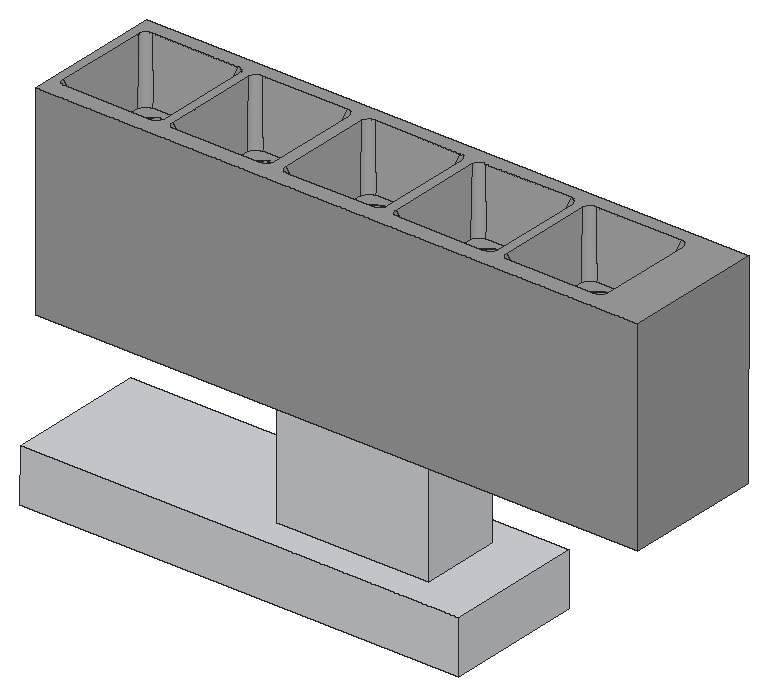
Revit family "Alcon - 15100_Multiple Spot-Linear", category Generic Models, host Face, Revit 2025
Family settings
  Host = Face
  Can host rebar = No
  Round Connector Dimension = Use Diameter
  Part Type = Normal
  Cut with Voids When Loaded = No
  Maintain Annotation Orientation = No
  Shared = No
  Room Calculation Point = No
Parameters
  Fixture Rotation = 90.00°
  Default Elevation = 4' - 0"
Reference planes (in)
  plane 1 "Center (Front/Back)": y = 0
  plane 2: z = 0
  plane 3 "Center (Left/Right)": x = 0
Forms (in)
  Extrusion 1, solid
    sketch origin (-2.98485, 3.48, 5.39432) x (0, -1, 0) y (0, 0, -1)
      loop
        line (2.83, 4.89432) -> (4.13, 4.89432) -> (4.13, 5.39432) -> (2.83, 5.39432) -> (2.83, 4.89432)
    from 0 to 4.13
  Extrusion 2, solid
    sketch origin (-4.13, 7.1, 0.5) x (0, -1, 0) y (1, 0, 0)
      loop
        line (6.72882, 3.34197) -> (7.47118, 3.34197) -> (7.47118, 4.76617) -> (6.72882, 4.76617) -> (6.72882, 3.34197)
    from 0 to 1.6
Lines and regions (in)
  reference lines
    curve 1: line (0, 4.52305, 1.82486) -> (0, -4.62921, 1.82486)
Dimensions and locks (in)
  "Fixture Rotation": angle nested 1 to curve 1
  aligned and locked: plane 2 to host face
  aligned and locked: level to host face
Automatic sketch dimensions
  host sketch curve to host sketch curve = 8' - 0"  (x2)
  Extrusion 1 sketch curve to level = 0' - 0"
  Extrusion 1 sketch curve to plane 1 "Center (Front/Back)" = 0' - 0.65"
  plane 1 "Center (Front/Back)" to Extrusion 1 sketch curve = 0' - 0.65"
  level to Extrusion 1 sketch curve = 0' - 0 1/2"
  level to curve 1 = 0' - 1.82486"
  plane 1 "Center (Front/Back)" to curve 1 = 0' - 4.62921"
  curve 1 to plane 1 "Center (Front/Back)" = 0' - 4.52305"
  Extrusion 1 to Extrusion 2 sketch curve = 0' - 0.27882"  (x2)
  Extrusion 1 to Extrusion 2 sketch curve = 0' - 1.93318"
  Extrusion 1 to Extrusion 2 sketch curve = 0' - 0.50898"
Nested families (in)
  nested 1: "Alcon - 15100_Multiple Spot-Linear_BOX" at (-0.18519, 0, 1.82486) x (0, 0, -1) z (1, 0, 0), type "Alcon - 15100_Multiple Spot-Linear_BOX"
    with built-in parameter 1001306 0.091341 (stored number, unit not read)
Definition of nested family "Alcon - 15100_Multiple Spot-Linear_BOX"
  Parameters (values of type "Alcon - 15100_Multiple Spot-Linear_BOX")
    Wattage = 9.2903 W
    built-in parameter 1150110 = 1 (stored number, unit not read)
    built-in parameter 1114217 = 1 (stored number, unit not read)
    built-in parameter 1150109 = 1 (stored number, unit not read)
    built-in parameter 1150134 = 3
    built-in parameter 1150113 = 1 (stored number, unit not read)
    built-in parameter 1150105 = 439.27 (stored number, unit not read)
    Lumens = 1380 lm
    built-in parameter 1150115 = 1 (stored number, unit not read)
    Light Source Symbol Size = 0' - 5"
    built-in parameter 1150137 = (empty or 0)
    built-in parameter 1150139 = (empty or 0)
    built-in parameter 1001306 [instance] = 4' - 0"
    built-in parameter 1150112 = 1 (stored number, unit not read)
    built-in parameter 1150114 = 1 (stored number, unit not read)
    built-in parameter 1150132 = (empty or 0)
    built-in parameter 1150102 = (empty or 0)
    built-in parameter 1150107 = 3200 (stored number, unit not read)
    built-in parameter 1150138 = (empty or 0)
    built-in parameter 1150106 = 4.3927 (stored number, unit not read)
    Housing = none
    Glass Frosted = none
    Emit from Line Length = 0' - 5"
    built-in parameter 1150104 = 13.8 (stored number, unit not read)
    Dimming Lamp Color Temperature Shift = (empty or 0)
    Default Elevation = 0' - 0"
    Color Filter = 16777215
    built-in parameter 1114218 = 1 (stored number, unit not read)
    built-in parameter 1150133 = 10 (stored number, unit not read)
  Reference planes (in)
    plane 1 "Center (Front/Back)": y = 0
    plane 2: z = 0
    plane 3 "Left": x = 0
    plane 4 "Right": x = 48
  Forms (in)
    Extrusion 1, solid, material <- "Housing"
      sketch origin (0.42, 0, -2.65182) x (0, 1, 0) y (-1, 0, 0)
        loop
          line (0.65, 2.17) -> (-0.65, 2.17) -> (-0.65, 0.25) -> (0.65, 0.25) -> (0.65, 2.17)
      from 0 to 5.67
    Blend 2, void
      base sketch origin (-0.965, 0.35, -2.83349) x (0, 1, 0) y (0, 0, 1)
        loop
          line (0.09362, 1.22022) -> (-0.77432, 1.22022)
          arc (-0.77432, 1.22022) -> (-0.83162, 1.19648) -> (-0.85535, 1.13919) r 0.08102
          line (-0.85535, 1.13919) -> (-0.85535, 0.33446)
          arc (-0.85535, 0.33446) -> (-0.83498, 0.28529) -> (-0.78581, 0.26492) r 0.06954
          line (-0.78581, 0.26492) -> (0.10108, 0.26492)
          arc (0.10108, 0.26492) -> (0.15166, 0.28587) -> (0.17261, 0.33645) r 0.07153
          line (0.17261, 0.33645) -> (0.17261, 1.14122)
          arc (0.17261, 1.14122) -> (0.14947, 1.19708) -> (0.09362, 1.22022) r 0.07899
      top sketch origin (0.955, -0.35, -2.83349) x (0, 1, 0) y (0, 0, 1)
        loop
          line (0.69091, 0.49109) -> (0.69091, 0.99185)
          arc (0.69091, 0.99185) -> (0.66631, 1.05125) -> (0.60691, 1.07585) r 0.084
          line (0.60691, 1.07585) -> (0.10373, 1.07585)
          arc (0.10373, 1.07585) -> (0.04402, 1.05112) -> (0.01929, 0.99141) r 0.08444
          line (0.01929, 0.99141) -> (0.01929, 0.48456)
          arc (0.01929, 0.48456) -> (0.04204, 0.42965) -> (0.09695, 0.4069) r 0.07765
          line (0.09695, 0.4069) -> (0.60673, 0.4069)
          arc (0.60673, 0.4069) -> (0.66626, 0.43156) -> (0.69091, 0.49109) r 0.08418
      from -0.785 to -2.205
    Blend 3, void
      base sketch origin (-0.965, 0.35, -1.80248) x (0, 1, 0) y (0, 0, 1)
        loop
          line (0.09362, 1.22022) -> (-0.77432, 1.22022)
          arc (-0.77432, 1.22022) -> (-0.83162, 1.19648) -> (-0.85535, 1.13919) r 0.08102
          line (-0.85535, 1.13919) -> (-0.85535, 0.33446)
          arc (-0.85535, 0.33446) -> (-0.83498, 0.28529) -> (-0.78581, 0.26492) r 0.06954
          line (-0.78581, 0.26492) -> (0.10108, 0.26492)
          arc (0.10108, 0.26492) -> (0.15166, 0.28587) -> (0.17261, 0.33645) r 0.07153
          line (0.17261, 0.33645) -> (0.17261, 1.14122)
          arc (0.17261, 1.14122) -> (0.14947, 1.19708) -> (0.09362, 1.22022) r 0.07899
      top sketch origin (0.955, -0.35, -1.80248) x (0, 1, 0) y (0, 0, 1)
        loop
          line (0.69091, 0.49109) -> (0.69091, 0.99185)
          arc (0.69091, 0.99185) -> (0.66631, 1.05125) -> (0.60691, 1.07585) r 0.084
          line (0.60691, 1.07585) -> (0.10373, 1.07585)
          arc (0.10373, 1.07585) -> (0.04402, 1.05112) -> (0.01929, 0.99141) r 0.08444
          line (0.01929, 0.99141) -> (0.01929, 0.48456)
          arc (0.01929, 0.48456) -> (0.04204, 0.42965) -> (0.09695, 0.4069) r 0.07765
          line (0.09695, 0.4069) -> (0.60673, 0.4069)
          arc (0.60673, 0.4069) -> (0.66626, 0.43156) -> (0.69091, 0.49109) r 0.08418
      from -0.785 to -2.205
    Blend 4, void
      base sketch origin (-0.965, 0.35, -0.73683) x (0, 1, 0) y (0, 0, 1)
        loop
          line (0.09362, 1.22022) -> (-0.77432, 1.22022)
          arc (-0.77432, 1.22022) -> (-0.83162, 1.19648) -> (-0.85535, 1.13919) r 0.08102
          line (-0.85535, 1.13919) -> (-0.85535, 0.33446)
          arc (-0.85535, 0.33446) -> (-0.83498, 0.28529) -> (-0.78581, 0.26492) r 0.06954
          line (-0.78581, 0.26492) -> (0.10108, 0.26492)
          arc (0.10108, 0.26492) -> (0.15166, 0.28587) -> (0.17261, 0.33645) r 0.07153
          line (0.17261, 0.33645) -> (0.17261, 1.14122)
          arc (0.17261, 1.14122) -> (0.14947, 1.19708) -> (0.09362, 1.22022) r 0.07899
      top sketch origin (0.955, -0.35, -0.73683) x (0, 1, 0) y (0, 0, 1)
        loop
          line (0.69091, 0.49109) -> (0.69091, 0.99185)
          arc (0.69091, 0.99185) -> (0.66631, 1.05125) -> (0.60691, 1.07585) r 0.084
          line (0.60691, 1.07585) -> (0.10373, 1.07585)
          arc (0.10373, 1.07585) -> (0.04402, 1.05112) -> (0.01929, 0.99141) r 0.08444
          line (0.01929, 0.99141) -> (0.01929, 0.48456)
          arc (0.01929, 0.48456) -> (0.04204, 0.42965) -> (0.09695, 0.4069) r 0.07765
          line (0.09695, 0.4069) -> (0.60673, 0.4069)
          arc (0.60673, 0.4069) -> (0.66626, 0.43156) -> (0.69091, 0.49109) r 0.08418
      from -0.785 to -2.205
    Blend 5, void
      base sketch origin (-0.965, 0.35, 0.30557) x (0, 1, 0) y (0, 0, 1)
        loop
          line (0.09362, 1.22022) -> (-0.77432, 1.22022)
          arc (-0.77432, 1.22022) -> (-0.83162, 1.19648) -> (-0.85535, 1.13919) r 0.08102
          line (-0.85535, 1.13919) -> (-0.85535, 0.33446)
          arc (-0.85535, 0.33446) -> (-0.83498, 0.28529) -> (-0.78581, 0.26492) r 0.06954
          line (-0.78581, 0.26492) -> (0.10108, 0.26492)
          arc (0.10108, 0.26492) -> (0.15166, 0.28587) -> (0.17261, 0.33645) r 0.07153
          line (0.17261, 0.33645) -> (0.17261, 1.14122)
          arc (0.17261, 1.14122) -> (0.14947, 1.19708) -> (0.09362, 1.22022) r 0.07899
      top sketch origin (0.955, -0.35, 0.30557) x (0, 1, 0) y (0, 0, 1)
        loop
          line (0.69091, 0.49109) -> (0.69091, 0.99185)
          arc (0.69091, 0.99185) -> (0.66631, 1.05125) -> (0.60691, 1.07585) r 0.084
          line (0.60691, 1.07585) -> (0.10373, 1.07585)
          arc (0.10373, 1.07585) -> (0.04402, 1.05112) -> (0.01929, 0.99141) r 0.08444
          line (0.01929, 0.99141) -> (0.01929, 0.48456)
          arc (0.01929, 0.48456) -> (0.04204, 0.42965) -> (0.09695, 0.4069) r 0.07765
          line (0.09695, 0.4069) -> (0.60673, 0.4069)
          arc (0.60673, 0.4069) -> (0.66626, 0.43156) -> (0.69091, 0.49109) r 0.08418
      from -0.785 to -2.205
    Blend 6, void
      base sketch origin (-1.75, 0.35, 1.34447) x (0, 1, 0) y (0, 0, 1)
        loop
          line (0.09362, 1.22022) -> (-0.77432, 1.22022)
          arc (-0.77432, 1.22022) -> (-0.83162, 1.19648) -> (-0.85535, 1.13919) r 0.08102
          line (-0.85535, 1.13919) -> (-0.85535, 0.33446)
          arc (-0.85535, 0.33446) -> (-0.83498, 0.28529) -> (-0.78581, 0.26492) r 0.06954
          line (-0.78581, 0.26492) -> (0.10108, 0.26492)
          arc (0.10108, 0.26492) -> (0.15166, 0.28587) -> (0.17261, 0.33645) r 0.07153
          line (0.17261, 0.33645) -> (0.17261, 1.14122)
          arc (0.17261, 1.14122) -> (0.14947, 1.19708) -> (0.09362, 1.22022) r 0.07899
      top sketch origin (0.17, -0.35, 1.34447) x (0, 1, 0) y (0, 0, 1)
        loop
          line (0.69091, 0.49109) -> (0.69091, 0.99185)
          arc (0.69091, 0.99185) -> (0.66631, 1.05125) -> (0.60691, 1.07585) r 0.084
          line (0.60691, 1.07585) -> (0.10373, 1.07585)
          arc (0.10373, 1.07585) -> (0.04402, 1.05112) -> (0.01929, 0.99141) r 0.08444
          line (0.01929, 0.99141) -> (0.01929, 0.48456)
          arc (0.01929, 0.48456) -> (0.04204, 0.42965) -> (0.09695, 0.4069) r 0.07765
          line (0.09695, 0.4069) -> (0.60673, 0.4069)
          arc (0.60673, 0.4069) -> (0.66626, 0.43156) -> (0.69091, 0.49109) r 0.08418
      from 0 to -1.42
    Extrusion 7, void
      sketch origin (-3.17, 0.35, -2.83349) x (0, -1, 0) y (0, 0, 1)
        loop
          circle (0.34517, 0.7396) r 0.27249
        loop
          circle (0.34517, 1.77061) r 0.27249
        loop
          circle (0.34517, 2.83627) r 0.27249
        loop
          circle (0.34517, 3.87866) r 0.27249
        loop
          circle (0.34517, 4.91756) r 0.27249
      from -2.21863 to -1.92
    Extrusion 8, solid, material <- "Glass Frosted"
      sketch origin (-3.17, 0.35, 1.34447) x (0, -1, 0) y (0, 0, 1)
        loop
          circle (0.34517, 0.7396) r 0.27249
        loop
          circle (0.34517, -0.2993) r 0.27249
        loop
          circle (0.34517, -1.34169) r 0.27249
        loop
          circle (0.34517, -2.40735) r 0.27249
        loop
          circle (0.34517, -3.43835) r 0.27249
      from -1.97243 to -1.92
  Cuts and joins
    Blend 2, Blend 3, Blend 4, Blend 5, Blend 6, Extrusion 7 cuts Extrusion 1
  Lines and regions (in)
    reference lines
      curve 1: line (0, 0, 0) -> (48, 0, 0)
    model lines
      curve 2: line (-0.965, 0, 0.00278) -> (-34.965, 0, 0.00278)
  Dimensions and locks (in)
    "built-in parameter 1001306": plane 3 "Left" to plane 4 "Right"
    aligned and locked: plane 4 "Right" to curve 1
    aligned and locked: plane 1 "Center (Front/Back)" to curve 1
    aligned and locked: plane 3 "Left" to curve 1
    aligned and locked: level to plane 2
  Automatic sketch dimensions
    level to curve 2 = 0' - 0.00278"
    curve 2 to plane 3 "Left" = 2' - 10.965"
    curve 2 to plane 3 "Left" = 0' - 0.965"
    plane 1 "Center (Front/Back)" to Extrusion 1 sketch curve = 0' - 0.65"
    Extrusion 1 sketch curve to plane 1 "Center (Front/Back)" = 0' - 0.65"
    plane 3 "Left" to Extrusion 1 sketch curve = 0' - 0.17"
    Extrusion 1 sketch curve to plane 3 "Left" = 0' - 1 3/4"
    plane 1 "Center (Front/Back)" to Blend 2 sketch curve = 0' - 0.50535"
    Blend 2 sketch curve to Blend 2 sketch curve = 0' - 0.06954"
    Blend 2 sketch curve to Blend 2 sketch curve = 0' - 0.08102"
    Blend 2 sketch curve to plane 1 "Center (Front/Back)" = 0' - 0.44362"
    Blend 2 sketch curve to plane 1 "Center (Front/Back)" = 0' - 0.45108"
    Blend 2 sketch curve to Blend 2 sketch curve = 0' - 0.07153"
    Blend 2 sketch curve to level = 0' - 2.56857"
    Blend 2 sketch curve to Blend 2 sketch curve = 0' - 0.80473"
    plane 1 "Center (Front/Back)" to Blend 2 sketch curve = 0' - 0.33071"
    Blend 2 sketch curve to Blend 2 sketch curve = 0' - 0.07765"
    Blend 2 sketch curve to Blend 2 sketch curve = 0' - 0.08444"
    Blend 2 sketch curve to plane 1 "Center (Front/Back)" = 0' - 0.25673"
    Blend 2 sketch curve to plane 1 "Center (Front/Back)" = 0' - 0.25691"
    Blend 2 sketch curve to Blend 2 sketch curve = 0' - 0.084"
    Blend 2 sketch curve to level = 0' - 2.42659"
    Blend 2 sketch curve to Blend 2 sketch curve = 0' - 0.50686"
    plane 1 "Center (Front/Back)" to Blend 3 sketch curve = 0' - 0.50535"
    Blend 3 sketch curve to Blend 3 sketch curve = 0' - 0.06954"
    Blend 3 sketch curve to Blend 3 sketch curve = 0' - 0.08102"
    Blend 3 sketch curve to plane 1 "Center (Front/Back)" = 0' - 0.44362"
    Blend 3 sketch curve to plane 1 "Center (Front/Back)" = 0' - 0.45108"
    Blend 3 sketch curve to Blend 3 sketch curve = 0' - 0.07153"
    Blend 3 sketch curve to level = 0' - 1.53757"
    Blend 3 sketch curve to level = 0' - 0.66329"
    plane 1 "Center (Front/Back)" to Blend 3 sketch curve = 0' - 0.33071"
    Blend 3 sketch curve to Blend 3 sketch curve = 0' - 0.07765"
    Blend 3 sketch curve to Blend 3 sketch curve = 0' - 0.08444"
    Blend 3 sketch curve to plane 1 "Center (Front/Back)" = 0' - 0.25673"
    Blend 3 sketch curve to plane 1 "Center (Front/Back)" = 0' - 0.25691"
    Blend 3 sketch curve to Blend 3 sketch curve = 0' - 0.084"
    Blend 3 sketch curve to level = 0' - 1.39558"
    Blend 3 sketch curve to Blend 3 sketch curve = 0' - 0.50686"
    plane 1 "Center (Front/Back)" to Blend 4 sketch curve = 0' - 0.50535"
    Blend 4 sketch curve to Blend 4 sketch curve = 0' - 0.06954"
    Blend 4 sketch curve to Blend 4 sketch curve = 0' - 0.08102"
    Blend 4 sketch curve to plane 1 "Center (Front/Back)" = 0' - 0.44362"
    Blend 4 sketch curve to plane 1 "Center (Front/Back)" = 0' - 0.45108"
    Blend 4 sketch curve to Blend 4 sketch curve = 0' - 0.07153"
    Blend 4 sketch curve to level = 0' - 0.47191"
    level to Blend 4 sketch curve = 0' - 0.40237"
    plane 1 "Center (Front/Back)" to Blend 4 sketch curve = 0' - 0.33071"
    Blend 4 sketch curve to Blend 4 sketch curve = 0' - 0.07765"
    Blend 4 sketch curve to Blend 4 sketch curve = 0' - 0.08444"
    Blend 4 sketch curve to plane 1 "Center (Front/Back)" = 0' - 0.25673"
    Blend 4 sketch curve to plane 1 "Center (Front/Back)" = 0' - 0.25691"
    Blend 4 sketch curve to Blend 4 sketch curve = 0' - 0.084"
    Blend 4 sketch curve to level = 0' - 0.32992"
    level to Blend 4 sketch curve = 0' - 0.25459"
    plane 1 "Center (Front/Back)" to Blend 5 sketch curve = 0' - 0.50535"
    Blend 5 sketch curve to Blend 5 sketch curve = 0' - 0.06954"
    Blend 5 sketch curve to Blend 5 sketch curve = 0' - 0.08102"
    Blend 5 sketch curve to plane 1 "Center (Front/Back)" = 0' - 0.44362"
    Blend 5 sketch curve to plane 1 "Center (Front/Back)" = 0' - 0.45108"
    Blend 5 sketch curve to Blend 5 sketch curve = 0' - 0.07153"
    level to Blend 5 sketch curve = 0' - 0.57048"
    Blend 5 sketch curve to Blend 5 sketch curve = 0' - 0.80473"
    plane 1 "Center (Front/Back)" to Blend 5 sketch curve = 0' - 0.33071"
    Blend 5 sketch curve to Blend 5 sketch curve = 0' - 0.07765"
    Blend 5 sketch curve to Blend 5 sketch curve = 0' - 0.08444"
    Blend 5 sketch curve to plane 1 "Center (Front/Back)" = 0' - 0.25673"
    Blend 5 sketch curve to plane 1 "Center (Front/Back)" = 0' - 0.25691"
    Blend 5 sketch curve to Blend 5 sketch curve = 0' - 0.084"
    level to Blend 5 sketch curve = 0' - 0.71247"
    Blend 5 sketch curve to Blend 5 sketch curve = 0' - 0.50686"
    plane 1 "Center (Front/Back)" to Blend 6 sketch curve = 0' - 0.50535"
    Blend 6 sketch curve to Blend 6 sketch curve = 0' - 0.06954"
    Blend 6 sketch curve to Blend 6 sketch curve = 0' - 0.08102"
    Blend 6 sketch curve to plane 1 "Center (Front/Back)" = 0' - 0.44362"
    Blend 6 sketch curve to plane 1 "Center (Front/Back)" = 0' - 0.45108"
    Blend 6 sketch curve to Blend 6 sketch curve = 0' - 0.07153"
    level to Blend 6 sketch curve = 0' - 1 39/64"
    Blend 6 sketch curve to Blend 6 sketch curve = 0' - 0.80473"
    plane 1 "Center (Front/Back)" to Blend 6 sketch curve = 0' - 0.33071"
    Blend 6 sketch curve to Blend 6 sketch curve = 0' - 0.07765"
    Blend 6 sketch curve to Blend 6 sketch curve = 0' - 0.08444"
    Blend 6 sketch curve to plane 1 "Center (Front/Back)" = 0' - 0.25673"
    Blend 6 sketch curve to plane 1 "Center (Front/Back)" = 0' - 0.25691"
    Blend 6 sketch curve to Blend 6 sketch curve = 0' - 0.084"
    level to Blend 6 sketch curve = 0' - 1.75137"
    Blend 6 sketch curve to Blend 6 sketch curve = 0' - 0.50686"
    Extrusion 7 sketch curve to plane 1 "Center (Front/Back)" = 0' - 0.00483"  (x5)
    Extrusion 7 sketch curve to level = 0' - 2.09389"
    Extrusion 7 sketch curve to Extrusion 7 sketch curve = 0' - 1.03101"
    level to Extrusion 7 sketch curve = 0' - 0.00278"
    Extrusion 7 sketch curve to Extrusion 7 sketch curve = 0' - 1.04239"
    Extrusion 7 sketch curve to Extrusion 7 sketch curve = 0' - 1.0389"
    Extrusion 8 sketch curve to Extrusion 8 sketch curve = 0' - 0"  (x10)
    Extrusion 8 sketch curve to Blend 6 = 0' - 0.33554"  (x5)
    Blend 6 to Extrusion 8 sketch curve = 0' - 3.84526"
    Extrusion 8 sketch curve to Extrusion 8 sketch curve = 0' - 1.03101"
    Extrusion 8 sketch curve to Extrusion 8 sketch curve = 0' - 1.06566"
    Blend 6 to Extrusion 8 sketch curve = 0' - 0.7062"
    Extrusion 8 sketch curve to Blend 6 = 0' - 0.3327"
    Extrusion 8 sketch curve to Blend 6 = 0' - 0.06359"  (x5)
    radius of Extrusion 7 sketch curve = 0' - 0.27249"  (x5)
